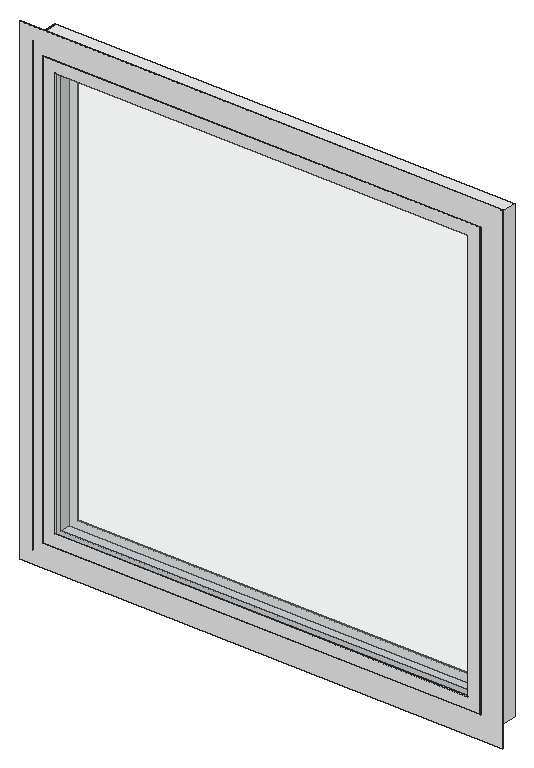
Revit family "Casement_28_B_Top_Hung_Standard", category Windows, host Wall, Revit 2014
Parameters (values of type "Casement_Sash_DG")
  Width Sash [instance] = 30 mm
  Width Sash Inner = 15 mm
  Width Bead = 15 mm
  Top Hung [instance] = yes
  Side Hung Right [instance] = yes
  Side Hung Left [instance] = yes
  Sash Opening Width [instance] = 600 mm
  Sash Opening Height [instance] = 600.312 mm
  Sash Lip = 15 mm
  Glazing Material [instance] = Glass
  DG Start Piece 2 [instance] = DG End Piece 1 + DG Gasket Thickness  # 25 mm
  DG Start Peice 1 [instance] = (Depth Sash - (2 * DG Glazing Thickness) - DG Gasket Thickness) / 2  # 6.6 mm
  Glazing Offset = 5 mm
  DG Glazing Thickness [instance] = 6.4 mm
  DG Gasket Thickness = 12 mm  # constant formula
  DG Gasket Material [instance] = none
  DG End Piece 2 [instance] = DG Start Piece 2 + DG Glazing Thickness  # 31.4 mm
  DG End Piece 1 [instance] = DG Start Peice 1 + DG Glazing Thickness  # 13 mm
  Depth Sash [instance] = 38 mm
  Center Vertical Sash [instance] = Sash Opening Height / 2  # 300.156 mm
  Center Horizontal Sash [instance] = Sash Opening Width / 2  # 300 mm
  Bottom Hung [instance] = yes
  Bead Offset = 15 mm
  Aluminium Thickness = 1 mm
  Aluminium Material [instance] = White Powder Coated Aluminium
Reference planes
  plane 1 "Center (Front/Back)": y = 0
  plane 2: z = 0
  plane 3 "Center (Left/Right)": x = 0
Forms (mm)
  Sweep 1, solid, material "White Powder Coated Aluminium" <- "Aluminium Material"
    path origin (16.177, 0, 121.331) x (1, 0, 0) y (0, 0, 1)
      loop
        line (0, 0) -> (600, 0) -> (600, 600.312) -> (0, 600.312) -> (0, 0)
    profile origin (316.177, 0, 121.331) x (0, 0, 1) y (0, -1, 0)
      loop
        line (0, 0) -> (30, 0) -> (30, 1) -> (15, 1) -> (15, 38) -> (-15, 38) -> (-15, 37) -> (0, 37) -> (0, 0)
      loop
        line (14, 1) -> (14, 37) -> (1, 37) -> (1, 1) -> (14, 1)
  Sweep 2, solid, material "White Powder Coated Aluminium" <- "Aluminium Material"
    path origin (0, 0, 0) x (1, 0, 0) y (0, 0, 1)
      loop
        line (31.177, 706.643) -> (31.177, 136.331) -> (601.177, 136.331) -> (601.177, 706.643) -> (31.177, 706.643)
    profile origin (316.177, 0, 706.643) x (0, 0, 1) y (0, -1, 0)
      loop
        line (0, 37) -> (0, 38) -> (-15, 38) -> (-15, 37) -> (0, 37)
  Extrusion 3, solid, material "Glass" <- "Glazing Material"
    sketch origin (0, 0, 0) x (1, 0, 0) y (0, 0, 1)
      loop
        line (36.177, 701.643) -> (36.177, 141.331) -> (596.177, 141.331) -> (596.177, 701.643) -> (36.177, 701.643)
    from 6.6 <- "DG Start Peice 1" to 13 <- "DG End Piece 1"
  Extrusion 4, solid, material "Glass" <- "Glazing Material"
    sketch origin (0, 0, 0) x (1, 0, 0) y (0, 0, 1)
      loop
        line (36.177, 701.643) -> (36.177, 141.331) -> (596.177, 141.331) -> (596.177, 701.643) -> (36.177, 701.643)
    from 31.4 <- "DG End Piece 2" to 25 <- "DG Start Piece 2"
  Sweep 5, solid, material <- "DG Gasket Material"
    path origin (0, -13, 0) x (1, 0, 0) y (0, 0, 1)
      loop
        line (36.177, 701.643) -> (36.177, 141.331) -> (596.177, 141.331) -> (596.177, 701.643) -> (36.177, 701.643)
    profile origin (316.177, -13, 701.643) x (0, 0, 1) y (0, -1, 0)
      loop
        line (0, 0) -> (0, 12) -> (-7.96, 12) -> (-7.96, 0) -> (0, 0)
Lines and regions (mm)
  model lines
    curve 1: line (1.177, -38, 736.643) -> (31.177, -38, 706.643)
    curve 2: line (601.177, -38, 706.643) -> (631.177, -38, 736.643)
    curve 3: line (601.177, -38, 136.331) -> (631.177, -38, 106.331)
    curve 4: line (1.177, -38, 106.331) -> (31.177, -38, 136.331)
    curve 5: line (631.177, -37, 736.643) -> (616.177, -37, 721.643)
    curve 6: line (1.177, -37, 736.643) -> (16.177, -37, 721.643)
    curve 7: line (1.177, -37, 106.331) -> (16.177, -37, 121.331)
    curve 8: line (631.177, -37, 106.331) -> (616.177, -37, 121.331)
    curve 9: line (616.177, 0, 121.331) -> (586.177, 0, 151.331)
    curve 10: line (46.177, 0, 151.331) -> (16.177, 0, 121.331)
    curve 11: line (616.177, 0, 721.643) -> (586.177, 0, 691.643)
    curve 12: line (46.177, 0, 691.643) -> (16.177, 0, 721.643)
    curve 13: line (31.177, -38, 691.643) -> (46.177, -38, 691.643)
    curve 14: line (586.177, -38, 691.643) -> (601.177, -38, 691.643)
    curve 15: line (586.177, -38, 151.331) -> (601.177, -38, 151.331)
    curve 16: line (31.177, -38, 151.331) -> (46.177, -38, 151.331)
  model lines, style "GenericModelHiddenLines", visible <- "Top Hung"
    curve 17: line (46.386, -31.4, 690.914) -> (316.177, -31.4, 151.331)
    curve 18: line (316.177, -31.4, 151.331) -> (586.177, -31.4, 691.331)
  model lines, style "GenericModelHiddenLines", visible <- "Bottom Hung"
    curve 19: line (46.177, -31.4, 151.331) -> (316.177, -31.4, 691.331)
    curve 20: line (316.177, -31.4, 691.331) -> (586.177, -31.4, 151.331)
  model lines, style "GenericModelHiddenLines", visible <- "Side Hung Left"
    curve 21: line (46.386, -31.4, 690.914) -> (585.24, -31.4, 421.487)
    curve 22: line (585.24, -31.4, 421.487) -> (46.177, -31.4, 151.331)
  model lines, style "GenericModelHiddenLines", visible <- "Side Hung Right"
    curve 23: line (586.177, -31.4, 691.331) -> (46.177, -31.4, 421.487)
    curve 24: line (46.177, -31.4, 421.487) -> (586.177, -31.4, 151.331)
Dimensions and locks
  "Aluminium Thickness": Sweep 1 sketch curve to Sweep 1 sketch curve  (x4)
  "Depth Sash": Sweep 1 sketch curve to Sweep 1 sketch curve
  "Sash Opening Width": Sweep 1 to Sweep 1
  "Sash Opening Height": Sweep 1 to Sweep 1
  "Width Sash": Sweep 1 sketch curve to Sweep 1 sketch curve  (x2)
  "Width Sash Inner": Sweep 1 sketch curve to Sweep 1 sketch curve
  "Sash Lip": Sweep 1 sketch curve to Sweep 1 sketch curve
  "Aluminium Thickness": Sweep 1 to Sweep 2 sketch curve
  "Glazing Offset": Sweep 2 to Extrusion 3 sketch curve  (x3)
  "Glazing Offset": Extrusion 3 sketch curve to Sweep 2
  Sweep 1 to Sweep 1 = 1 mm
  "Aluminium Thickness": Sweep 2 sketch curve to Sweep 2 sketch curve
  "Width Bead": Sweep 2 sketch curve to Sweep 2 sketch curve
  locked: Sweep 5 sketch curve to Sweep 5 sketch curve at 7.96
  "Center Horizontal Sash": Sweep 1 to curve 18
  "Center Horizontal Sash": Sweep 1 to curve 20
  "Center Vertical Sash": Sweep 1 to curve 22
  "Center Vertical Sash": Sweep 1 to curve 24
  aligned and locked: level to plane 2
  aligned and locked: Sweep 1 sketch curve to Sweep 1 sketch curve  (x2)
  aligned and locked: Sweep 2 sketch curve to Sweep 1  (x5)
  aligned and locked: Extrusion 4 sketch curve to Extrusion 3  (x4)
  aligned and locked: Sweep 5 sketch curve to Extrusion 3  (x5)
  aligned and locked: Extrusion 3 to Sweep 5 sketch curve
Automatic sketch dimensions
  plane 3 "Center (Left/Right)" to Sweep 1 sketch curve = 16.177 mm
  level to Sweep 1 sketch curve = 121.331 mm
  plane 3 "Center (Left/Right)" to Sweep 1 sketch curve = 616.177 mm
  level to Sweep 1 sketch curve = 721.643 mm
  profile plane to Sweep 5 sketch curve = 12 mm
  curve 7 to Sweep 1 = 0 mm  (x4)
  curve 6 to Sweep 1 = 0 mm  (x3)
  Sweep 1 to curve 6 = 0 mm
  curve 5 to Sweep 1 = 0 mm  (x3)
  curve 8 to Sweep 1 = 0 mm  (x4)
  Sweep 1 to curve 5 = 0 mm
  curve 16 to Sweep 2 = 0 mm  (x3)
  curve 13 to Sweep 2 = 0 mm  (x3)
  curve 15 to Sweep 2 = 0 mm
  Sweep 2 to curve 15 = 0 mm  (x2)
  curve 14 to Sweep 2 = 0 mm  (x2)
  Sweep 2 to curve 14 = 0 mm
  curve 1 to Sweep 1 = 0 mm  (x4)
  curve 4 to Sweep 1 = 0 mm  (x3)
  Sweep 1 to curve 4 = 0 mm
  curve 3 to Sweep 1 = 0 mm  (x3)
  curve 2 to Sweep 1 = 0 mm  (x4)
  Sweep 1 to curve 3 = 0 mm
  curve 10 to Sweep 1 = 0 mm  (x4)
  curve 12 to Sweep 1 = 0 mm  (x3)
  Sweep 1 to curve 12 = 0 mm
  curve 9 to Sweep 1 = 0 mm  (x4)
  curve 11 to Sweep 1 = 0 mm  (x3)
  Sweep 1 to curve 11 = 0 mm
  Sweep 1 sketch curve to plane 1 "Center (Front/Back)" = 0 mm
  profile plane to Sweep 1 sketch curve = 0 mm
  curve 21 to Extrusion 4 = 10.208 mm
  curve 19 to Extrusion 4 = 10 mm
  curve 23 to Extrusion 4 = 10 mm  (x2)
  curve 22 to Extrusion 4 = 10.937 mm
  curve 20 to Extrusion 4 = 10 mm
  curve 24 to Extrusion 4 = 10 mm
  curve 22 to Extrusion 4 = 10 mm
  curve 18 to Extrusion 4 = 10 mm
  curve 21 to Extrusion 4 = 10.729 mm
  curve 19 to Extrusion 4 = 10.312 mm
  curve 18 to Extrusion 4 = 10.312 mm
Types in the file's own list only (6): name | Windload Design | Width Sash Opening | Width Sash | Width Profile | Width Panel 4 | Width Panel 1 | Width | URL | Offset Window Exterior | Max Pane Area | Limit Fixed Panel Width Max | Intruderprufe U Value | Intruderprufe SHGC Value | Intruderprufe LowE U Value | Intruderprufe LowE SHGC Value | Height Sash Opening | Height | Energy Advantage U Value | Energy Advantage SHGC Value | Custom Window Width | Custom Window Height | Window Exterior Offset | Custom Windload | Custom Sash Width | Single Glazing | Sash Spacing Inner | Sash Overlap | Sash Center Offset | SG Gasket Thickness | Offset Sash Left | Offset Sash Top | Offset Panel 4 Left | Offset Mullion Left | Offset Bead SG Center Reversed | Model | Manufacturer | Limit Window Width Min | Limit Window Width Max | Limit Window Height Min | Limit Window Height Max | Limit Sash Width Min | Limit Sash Width Max | Limit Sash Height Min | Limit Sash Height Max | Limit Fixed Panel Width Min | Length Mullion | Height Sash | Height Panel 4 | Description | Depth Mullion | Frame Center Offset | Depth Bead | Default Sill Height | Wall Closure | Mullion Depth Windload Based | Clearvue U Value | Clearvue SHGC Value | Casement Dimension | Bottom Hung | Bead SG Gap | Area Pane Right | Area Pane Left | All Available Glazing Numbers
  28-1206T-1000Pa | 1000 mm | 554 mm | 524 mm | 30 mm | 561 mm | 539 mm | 1190 mm | "http://www.crealco.co.za/crealco-products.php" | 14 mm | 0.29 m² | 1500 mm | 6.09 | 0.558 | 4.5 | 0.518 | 544 mm | 590 mm | 4.77 | 0.519 | 1190 mm | 590 mm | 0 mm | 1000 mm | 554 mm | Yes | 8 mm | 7 mm | 11 mm | 6 mm | 23 mm | 23 mm | 599 mm | 569 mm | 14 mm | "Casement 28" | "Crealco" | 829 mm | 2129 mm | 346 mm | 646 mm | 300 mm | 900 mm | 300 mm | 600 mm | 200 mm | 590 mm | 514 mm | 530 mm | "Window 28mm, Type B top hung" | 29 mm | 14 mm | 14 mm | 800 mm | By host | 29 mm | 6.13 | 0.58 | 28 mm | No | 13 mm | 0.29 m² | 0.23 m² | "The rows below list the available glazing materials for this window:"
  28-1506T-1000Pa | 1000 mm | 554 mm | 524 mm | 30 mm | 861 mm | 539 mm | 1490 mm | "http://www.crealco.co.za/crealco-products.php" | 14 mm | 0.44 m² | 1500 mm | 6.05 | 0.583 | 4.42 | 0.536 | 544 mm | 590 mm | 4.69 | 0.539 | 1490 mm | 590 mm | 0 mm | 1000 mm | 554 mm | Yes | 8 mm | 7 mm | 11 mm | 6 mm | 23 mm | 23 mm | 599 mm | 569 mm | 14 mm | "Casement 28" | "Crealco" | 829 mm | 2129 mm | 346 mm | 646 mm | 300 mm | 900 mm | 300 mm | 600 mm | 200 mm | 590 mm | 514 mm | 530 mm | "Window 28mm, Type B top hung" | 29 mm | 14 mm | 14 mm | 800 mm | By host | 29 mm | 6.1 | 0.609 | 28 mm | No | 13 mm | 0.44 m² | 0.23 m² | "The rows below list the available glazing materials for this window:"
  28-1206T-1500Pa | 1500 mm | 554 mm | 524 mm | 30 mm | 561 mm | 539 mm | 1190 mm | "http://www.crealco.co.za/crealco-products.php" | 14 mm | 0.29 m² | 1500 mm | 6.09 | 0.558 | 4.5 | 0.518 | 544 mm | 590 mm | 4.77 | 0.519 | 1190 mm | 590 mm | 0 mm | 1500 mm | 554 mm | Yes | 8 mm | 7 mm | 11 mm | 6 mm | 23 mm | 23 mm | 599 mm | 569 mm | 14 mm | "Casement 28" | "Crealco" | 829 mm | 2129 mm | 346 mm | 646 mm | 300 mm | 900 mm | 300 mm | 600 mm | 200 mm | 590 mm | 514 mm | 530 mm | "Window 28mm, Type B top hung" | 29 mm | 14 mm | 14 mm | 800 mm | By host | 29 mm | 6.13 | 0.58 | 28 mm | No | 13 mm | 0.29 m² | 0.23 m² | "The rows below list the available glazing materials for this window:"
  28-1206T-2000Pa | 2000 mm | 554 mm | 524 mm | 30 mm | 561 mm | 539 mm | 1190 mm | "http://www.crealco.co.za/crealco-products.php" | 14 mm | 0.29 m² | 1500 mm | 6.09 | 0.558 | 4.5 | 0.518 | 544 mm | 590 mm | 4.77 | 0.519 | 1190 mm | 590 mm | 0 mm | 2000 mm | 554 mm | Yes | 8 mm | 7 mm | 11 mm | 6 mm | 23 mm | 23 mm | 599 mm | 569 mm | 14 mm | "Casement 28" | "Crealco" | 829 mm | 2129 mm | 346 mm | 646 mm | 300 mm | 900 mm | 300 mm | 600 mm | 200 mm | 590 mm | 514 mm | 530 mm | "Window 28mm, Type B top hung" | 29 mm | 14 mm | 14 mm | 800 mm | By host | 29 mm | 6.13 | 0.58 | 28 mm | No | 13 mm | 0.29 m² | 0.23 m² | "The rows below list the available glazing materials for this window:"
  28-1506T-1500Pa | 1500 mm | 554 mm | 524 mm | 30 mm | 861 mm | 539 mm | 1490 mm | "http://www.crealco.co.za/crealco-products.php" | 14 mm | 0.44 m² | 1500 mm | 6.05 | 0.583 | 4.42 | 0.536 | 544 mm | 590 mm | 4.69 | 0.539 | 1490 mm | 590 mm | 0 mm | 1500 mm | 554 mm | Yes | 8 mm | 7 mm | 11 mm | 6 mm | 23 mm | 23 mm | 599 mm | 569 mm | 14 mm | "Casement 28" | "Crealco" | 829 mm | 2129 mm | 346 mm | 646 mm | 300 mm | 900 mm | 300 mm | 600 mm | 200 mm | 590 mm | 514 mm | 530 mm | "Window 28mm, Type B top hung" | 29 mm | 14 mm | 14 mm | 800 mm | By host | 29 mm | 6.1 | 0.609 | 28 mm | No | 13 mm | 0.44 m² | 0.23 m² | "The rows below list the available glazing materials for this window:"
  28-1506T-2000Pa | 2000 mm | 554 mm | 524 mm | 30 mm | 861 mm | 539 mm | 1490 mm | "http://www.crealco.co.za/crealco-products.php" | 14 mm | 0.44 m² | 1500 mm | 6.05 | 0.583 | 4.42 | 0.536 | 544 mm | 590 mm | 4.69 | 0.539 | 1490 mm | 590 mm | 0 mm | 2000 mm | 554 mm | Yes | 8 mm | 7 mm | 11 mm | 6 mm | 23 mm | 23 mm | 599 mm | 569 mm | 14 mm | "Casement 28" | "Crealco" | 829 mm | 2129 mm | 346 mm | 646 mm | 300 mm | 900 mm | 300 mm | 600 mm | 200 mm | 590 mm | 514 mm | 530 mm | "Window 28mm, Type B top hung" | 29 mm | 14 mm | 14 mm | 800 mm | By host | 29 mm | 6.1 | 0.609 | 28 mm | No | 13 mm | 0.44 m² | 0.23 m² | "The rows below list the available glazing materials for this window:"
